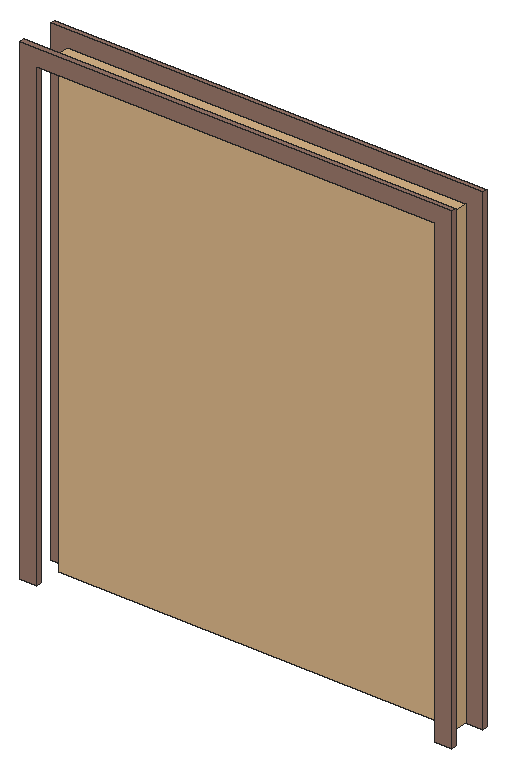
Revit family
Parameters (values of type "1830 x 2134mm")
  Thickness = 51.00 mm
  Door Material = Door - Panel
  Frame Material = Door - Frame
  Height = 2134.00 mm
  Trim Projection Ext. = 25.00 mm
  Trim Projection Int. = 25.00 mm
  Trim Width Ext. = 76.00 mm
  Trim Width Int. = 76.00 mm
  Wall Closure = (empty or 0)
  Width = 1830.00 mm
Types (5, lengths in mm): name | Height | Width
  1830 x 1981mm | 1981.00 | 1830.00
  1830 x 2083mm | 2083.00 | 1830.00
  1730 x 2032mm | 2032.00 | 1730.00
  1730 x 2134mm | 2134.00 | 1730.00
  1830 x 2134mm | 2134.00 | 1830.00
Reference planes
  plane 1: y = 0
  plane 2: z = 0
  plane 3 "Center": x = 0
  plane 4 "Left": x = -915
  plane 5 "Right": x = 915
  plane 6 "Top": z = 2134
Forms (mm)
  Extrusion 1, solid, material "Door - Frame" <- "Frame Material"
    sketch origin (-2286, -76.2, 0) x (1, 0, 0) y (0, 0, 1)
      loop
        line (1371, 0) -> (1371, 2134) -> (3201, 2134) -> (3201, 0) -> (3277, 0) -> (3277, 2210) -> (1295, 2210) -> (1295, 0) -> (1371, 0)
    from 0 to 25
  Extrusion 2, solid, material "Door - Panel"
    sketch origin (-2286, 177.8, 0) x (-1, 0, 0) y (0, 0, 1)
      loop
        line (-3201, 2134) -> (-3201, 0) -> (-1371, 0) -> (-1371, 2134) -> (-3201, 2134)
    from -152.6 to -101.6
  Extrusion 3, solid, material "Door - Frame" <- "Frame Material"
    sketch origin (-1524, 76.2, 0) x (-1, 0, 0) y (0, 0, 1)
      loop
        line (-2515, 2210) -> (-2515, 0) -> (-2439, 0) -> (-2439, 2134) -> (-609, 2134) -> (-609, 0) -> (-533, 0) -> (-533, 2210) -> (-2515, 2210)
    from 0.4 to 25.4
Lines and regions (mm)
  Opening 1
    outline origin (-2286, -76.2, 0) x (1, 0, 0) y (0, 0, 1)
      loop
        line (1371, 0) -> (3201, 0) -> (3201, 2134) -> (1371, 2134) -> (1371, 0)
  symbolic lines, style "DoorsPanelProjection"
    curve 1: line (-915, 76.2, 0) -> (-864, 76.2, 0)
    curve 2: line (-915, 76.2, 0) -> (-915, 991.2, 0)
    curve 3: line (-915, 991.2, 0) -> (-864, 991.2, 0)
    curve 4: line (-864, 76.2, 0) -> (-864, 991.2, 0)
    curve 5: line (915, 76.2, 0) -> (864, 76.2, 0)
    curve 6: line (915, 76.2, 0) -> (915, 991.2, 0)
    curve 7: line (864, 991.2, 0) -> (915, 991.2, 0)
    curve 8: line (864, 76.2, 0) -> (864, 991.2, 0)
  symbolic lines, style "Dashed Line"
    curve 9: line (-915, 25.2, 0) -> (-864, 25.2, 0)
    curve 10: line (-915, 25.2, 0) -> (-915, -889.8, 0)
    curve 11: line (-915, -889.8, 0) -> (-864, -889.8, 0)
    curve 12: line (-864, 25.2, 0) -> (-864, -889.8, 0)
    curve 13: line (915, 25.2, 0) -> (864, 25.2, 0)
    curve 14: line (915, 25.2, 0) -> (915, -889.8, 0)
    curve 15: line (915, -889.8, 0) -> (864, -889.8, 0)
    curve 16: line (864, 25.2, 0) -> (864, -889.8, 0)
    curve 21: arc (0, 25.2, 0) -> (267.997, -621.803, 0) -> (915, -889.8, 0) r 915
    curve 22: arc (0, 25.2, 0) -> (-267.997, -621.803, 0) -> (-915, -889.8, 0) r 915
  model lines, style "DoorsPanelProjection"
    curve 17: line (0, 76.2, 2134) -> (0, 76.2, 0)
    curve 18: line (0, 25.2, 2134) -> (0, 25.2, 0)
  symbolic lines, style "Plan Swing"
    curve 19: arc (0, 76.2, 0) -> (-267.997, 723.203, 0) -> (-915, 991.2, 0) r 915
    curve 20: arc (-0.353, 101.608, 0) -> (276.545, 732.623, 0) -> (915, 991.905, 0) r 915.705
  symbolic lines, style "Elevation Swing"
    curve 23: line (0, 0, 2134) -> (-915, 0, 1067)
    curve 24: line (-915, 0, 1067) -> (0, 0, 0)
    curve 25: line (0, 0, 2134) -> (915, 0, 1067)
    curve 26: line (0, 0, 0) -> (915, 0, 1067)
Text (mm)
  text "Exterior" at (-1503.219, 489.573, 0), in view "Floor Line"
  text "Interior" at (-1503.219, -382.005, 0), in view "Floor Line"
  text "Exterior" at (0, 1019.848, 3124.603), in view "Right"
  text "Interior" at (0, -1635.541, 3124.603), in view "Right"
  text "Interior" at (0, -787.806, 3124.376), in view "Left"
  text "Exterior" at (0, 1386.095, 3124.376), in view "Left"
Dimensions and locks
  equal spacing: plane 4 "Left", plane 3 "Center", plane 5 "Right"
  "Height": plane 2 to plane 6 "Top"
  "Trim Width Int.": Extrusion 1 sketch curve to plane 4 "Left"
  "Trim Width Int.": Extrusion 1 sketch curve to plane 5 "Right"
  "Trim Width Int.": Extrusion 1 sketch curve to plane 6 "Top"
  "Trim Projection Int.": Extrusion 1 to host wall
  "Thickness": curve 4 to curve 2
  "Thickness": curve 6 to curve 8
  "Thickness": Extrusion 2 to Extrusion 2
  "Trim Projection Ext.": Extrusion 3 to Extrusion 3
  "Trim Width Ext.": plane 5 "Right" to Extrusion 3 sketch curve
  "Trim Width Ext.": Extrusion 3 sketch curve to plane 4 "Left"
  "Trim Width Ext.": plane 6 "Top" to Extrusion 3 sketch curve
  "Width": plane 4 "Left" to plane 5 "Right"
  equal spacing: level, curve 24, plane 6 "Top"
  equal spacing: level, curve 26, plane 6 "Top"
  aligned and locked: plane 4 "Left" to Opening 1 sketch curve
  aligned and locked: plane 6 "Top" to Opening 1 sketch curve  (x2)
  aligned and locked: Opening 1 sketch curve to plane 5 "Right"
  aligned and locked: Opening 1 sketch curve to level
  aligned and locked: plane 4 "Left" to Extrusion 1 sketch curve
  aligned and locked: plane 6 "Top" to Extrusion 1 sketch curve  (x2)
  aligned and locked: plane 5 "Right" to Extrusion 1 sketch curve  (x2)
  aligned and locked: level to Extrusion 1 sketch curve
  aligned and locked: Extrusion 1 sketch curve to level
  aligned and locked: plane 2 to Extrusion 1 sketch curve
  aligned and locked: Extrusion 1 to host wall
  aligned and locked: Extrusion 2 sketch curve to plane 4 "Left"
  aligned and locked: curve 18 to curve 17
  aligned and locked: host wall to Extrusion 2
  aligned and locked: curve 5 to curve 16
  aligned and locked: host wall to curve 5
  aligned and locked: curve 1 to host wall
  aligned and locked: curve 1 to curve 12
  aligned and locked: curve 9 to Extrusion 2
  aligned and locked: curve 13 to Extrusion 2
  aligned and locked: curve 21 to Extrusion 2
Automatic sketch dimensions
  Extrusion 2 sketch curve to plane 6 "Top" = 0.00 mm
  Extrusion 2 sketch curve to level = 0.00 mm
  Extrusion 2 sketch curve to plane 5 "Right" = 0.00 mm
  Extrusion 3 sketch curve to level = 0.00 mm  (x2)
  Extrusion 3 sketch curve to plane 5 "Right" = 0.00 mm
  Extrusion 3 sketch curve to plane 4 "Left" = 0.00 mm
  Extrusion 3 sketch curve to plane 6 "Top" = 0.00 mm
  curve 22 to plane 4 "Left" = 0.00 mm
  curve 2 to plane 4 "Left" = 0.00 mm
  curve 19 to plane 3 "Center" = 0.00 mm
  curve 22 to plane 3 "Center" = 0.00 mm
  curve 21 to plane 3 "Center" = 0.00 mm
  curve 14 to plane 5 "Right" = 0.00 mm
  curve 6 to plane 5 "Right" = 0.00 mm
  curve 20 to plane 5 "Right" = 0.00 mm
  curve 20 to plane 3 "Center" = 0.353 mm
  curve 20 to curve 6 = 0.00 mm
  curve 19 to curve 1 = 0.00 mm
  curve 8 to curve 20 = 0.705 mm
  curve 23 to plane 3 "Center" = 0.00 mm
  curve 23 to plane 6 "Top" = 0.00 mm
  curve 18 to plane 3 "Center" = 0.00 mm
  curve 18 to plane 6 "Top" = 0.00 mm
  curve 17 to plane 6 "Top" = 0.00 mm
  curve 25 to plane 5 "Right" = 0.00 mm
  curve 17 to level = 0.00 mm
  curve 18 to level = 0.00 mm
  curve 24 to level = 0.00 mm
  curve 23 to plane 4 "Left" = 0.00 mm
  curve 24 to plane 3 "Center" = 0.00 mm
